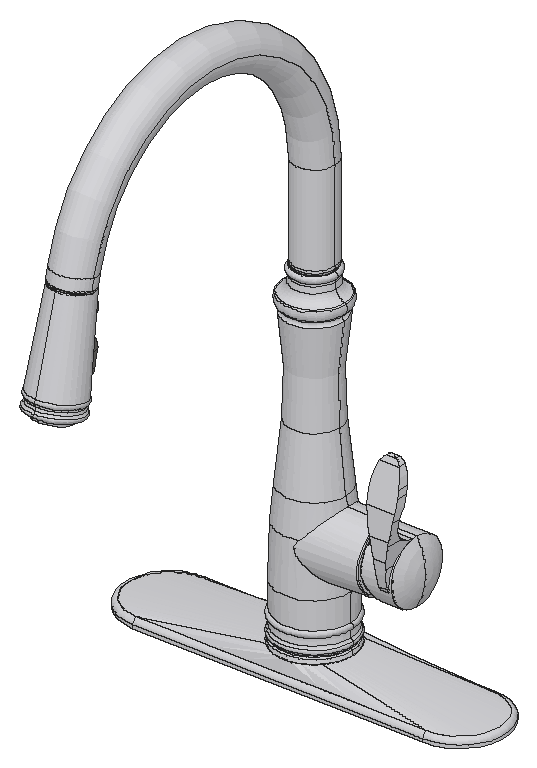
Revit family "Faucet_Touchless-Kitchen-KOHLER-Bellera-K-29108_1", category Plumbing Fixtures, host Face, Revit 2017
Family settings
  Host = Face
  Round Connector Dimension = Use Diameter
  Part Type = Normal
  OmniClass Number = 23.31.11.00
  OmniClass Title = Faucets
  Cut with Voids When Loaded = No
  Shared = No
  Room Calculation Point = No
Parameters (values of type "CP-Polished Chrome")
  Width [instance] = if(Escutcheon Plate, 10 1/2", 2 1/8")  # 10 1/2"
  WaterSense Certified = 1 = 0  # no
  Waste Water Outlet = "Waste Water Outlet"  # constant formula
  Waste Connection = 1 = 0  # no
  Voltage = 120 V  # constant formula
  Vent Connection = 1 = 0  # no
  URL = "https://www.us.kohler.com/us/"
  Type = 1
  Thickness [instance] = if(Escutcheon Plate, 2 1/2", 2 1/8")  # 2 1/2"
  Spout Reach = 9"  # constant formula
  Product Page URL = "http://www.us.kohler.com/us/catalog/productDetails.jsp?productId=29108"
  Product Name = "Bellera"  # constant formula
  Product Documentation Link = "https://www.us.kohler.com/webassets/kpna/catalog/pdf/en/K-29108_spec_US-CA_Kohler_en.pdf"
  Pressure = 60.00 psi  # constant formula
  Model = if(Type = 1, "K-29108-CP", if(Type = 2, "K-29108-VS", if(Type = 3, "K-29108-2BZ", "NA")))  # "K-29108-CP"
  Material = "Premium Metal Construction"  # constant formula
  Master Format 2014 Name = "Residential Faucets, Supplies, and Trim"  # constant formula
  Master Format 2014 = "22 41 39"  # constant formula
  Manufacturer Address = "444 Highland Dr, Kohler, WI 53044"  # constant formula
  Manufacturer = "KOHLER Co."  # constant formula
  Length = Spout Reach  # 9"
  Hot Water Inlet = "Hot Water Inlet"  # constant formula
  Height [instance] = 17 1/4"  # constant formula
  Handle Clearance = 3 1/16"  # constant formula
  HW Connection = 1 = 1  # yes
  Flow Rate = 1.5 GPM  # constant formula
  Finish = Kohler-Metal-CP-Polished_Chrome
  Escutcheon Plate [instance] = yes
  Escutcheon Height [instance] = if(Escutcheon Plate, 9/16", 0")  # 9/16"
  Environmental Product Declaration = ""
  Electrical Note = "One Dedicated Circuit Required"  # constant formula
  Electrical Connector = 1 = 1  # yes
  Drain Included = 1 = 0  # no
  Description = "Pull-down single-handle kitchen faucet"  # constant formula
  Default Elevation = 36"
  Declare Label = ""
  Date Modified = "07/02/2020"  # constant formula
  Date Created = "07/02/2020"  # constant formula
  Copyright = "Copyright KOHLER Co."  # constant formula
  Contact Us = "https://www.us.kohler.com/us/static/contact.jsp"
  Cold Water Inlet = "Cold Water Inlet"  # constant formula
  CW Connection = 1 = 1  # yes
  Assembly Code = "D2010"
  Apparent Load = 120 V * 15 A  # 1800 VA
  ADA Compliant = 1 = 0  # no
Reference planes (in)
  plane 1 "Center (Front/Back)": y = 0
  plane 2: z = 0
  plane 3 "Center (Left/Right)": x = 0
  plane 4: x = -5.25
  plane 5: x = 5.25
  plane 6: x = -1.0625
  plane 7: x = 1.0625
  plane 8: x = 3.0625
  plane 9: y = -9
  plane 10: x = -0.56268
  plane 11: x = 0.56268
  plane 12: y = -9.6875
  plane 13: z = 17.25
  plane 14: through (0, -9.64405, 10.28091) normal (0, 0.2062, 0.9785)
  plane 15: z = 10
  plane 16: z = 3.25789
  plane 17: z = 6.32039
  plane 18: y = 1.25
  plane 19: y = -1.25
  plane 20: z = 0.5625
Dimensions and locks (in)
  "Spout Reach": plane 1 "Center (Front/Back)" to plane 9
  locked: plane 1 "Center (Front/Back)" to plane 12 at 9.6875
  locked: level to plane 16 at 3.25789
  "Handle Clearance": plane 17 to plane 16
  "Width": plane 4 to plane 5
  equal spacing: plane 4, plane 3 "Center (Left/Right)", plane 5
  "Thickness": plane 19 to plane 18
  equal spacing: plane 19, plane 1 "Center (Front/Back)", plane 18
  "Escutcheon Height": plane 20 to plane 2
  "Height": plane 13 to plane 2
  locked: level to plane 15 at 10
  plane 15 to level = 10"
  "Length": plane 1 "Center (Front/Back)" to plane 9
  aligned and locked: plane 2 to host face
  aligned and locked: level to host face
  aligned and locked: plane 3 "Center (Left/Right)" to nested 1
  aligned and locked: plane 1 "Center (Front/Back)" to nested 1
Automatic sketch dimensions
  host sketch curve to host sketch curve = 96"  (x2)
Nested families (in)
  nested 1: "K-29108" at (0, 0, 0), type "K-29108"
  nested 2: "K-29108_Escutcheon_Plate" at (0, 0, 0), type "K-29108_Escutcheon_Plate"
Connectors (in)
  piping at (-0.56268, 0, 0), diameter 0.375, driven by "Flow Rate", driven by "HW Connection", driven by "Hot Water Inlet", driven by "Pressure"
    settings: on nested 1, index 1, connector inside diameter 24", connector length 0", flow factor 0, pipe flow 1.5 GPM, pressure drop 60.00 psi, fitting loss kfactor 0, connector angle 0.00°, fixture units 0, engagement length 0", angle of deflection 0.00°, flow configuration 0, flow direction 1, fitting loss method 4, system type 19, joint type 0, gender type 0, connector reference index -1, connector utility 1, adjustable connector no, is connector primary yes, connector description "Hot Water Inlet"
  piping at (0.56268, 0, 0), diameter 0.375, driven by "Flow Rate", driven by "CW Connection", driven by "Cold Water Inlet", driven by "Pressure"
    settings: on nested 1, index 2, connector inside diameter 24", connector length 0", flow factor 0, pipe flow 1.5 GPM, pressure drop 60.00 psi, fitting loss kfactor 0, connector angle 0.00°, fixture units 0, engagement length 0", angle of deflection 0.00°, flow configuration 0, flow direction 1, fitting loss method 4, system type 20, joint type 0, gender type 0, connector reference index -1, connector utility 1, adjustable connector no, is connector primary no, connector description "Cold Water Inlet"
  electrical at (0, 0, 0), driven by "Voltage", driven by "Apparent Load", driven by "Electrical Connector", driven by "Electrical Note"
    settings: on nested 1, index 3, voltage 120 V, apparent load 1800 VA, apparent load phase1 0 VA, apparent load phase2 0 VA, apparent load phase3 0 VA, power factor 1, load classification "Power", number of poles 1, system type 30, power factor state 1, is connector primary yes, connector utility yes, sub classification motor no, connector description "One Dedicated Circuit Required"
Definition of nested family "K-29108"
  Parameters (values of type "K-29108")
    Not Base Plate = not(Base Plate)  # no
    Material = none
    Base Plate = yes
  Reference planes (in)
    plane 1 "Center (Front/Back)": y = 0
    plane 2: z = 0
    plane 3 "Center (Left/Right)": x = 0
    plane 4: z = 10
    plane 5: y = -9
    plane 6: y = -9.6875
    plane 7: z = 17.25
    plane 8: x = -5.25
    plane 9: x = 5.25
    plane 10: x = -1.0625
    plane 11: x = 1.0625
    plane 12: z = 5.75
    plane 13: x = 3.0625
    plane 14: y = 1.0625
    plane 15: y = -1.0625
    plane 16: z = 6.32039
    plane 17: z = 3.25789
    plane 18: x = -0.56268
    plane 19: x = 0.56268
    plane 20 "A": through (0, -9, 10) normal (0, -0.2079, -0.9781)
    plane 21: z = 13.11926
    plane 22: z = 0.5625
  Forms (in)
    Revolve 1, solid, material <- "Material", detail levels medium+fine
      sketch origin (0, 0, 0) x (1, 0, 0) y (0, 0, 1)
        loop
          arc (-0.98961, 0.69997) -> (-1.01932, 0.68971) -> (-1.03655, 0.66343) r 0.04866
          line (-1.03655, 0.66343) -> (-1.0625, 0.5625) -> (-1.0625, 0) -> (0, 0) -> (0, 10) -> (-0.56268, 10) -> (-0.56268, 9.92301)
          arc (-0.56268, 9.92301) -> (-0.55247, 9.89835) -> (-0.52782, 9.88814) r 0.03486
          line (-0.52782, 9.88814) -> (-0.42871, 9.88814)
          arc (-0.42871, 9.88814) -> (-0.44763, 9.86745) -> (-0.47461, 9.85979) r 0.05133
          line (-0.47461, 9.85979) -> (-0.56778, 9.85979)
          arc (-0.56778, 9.85979) -> (-0.63545, 9.78384) -> (-0.58214, 9.69721) r 0.08519
          arc (-0.58214, 9.69721) -> (-0.58093, 9.6617) -> (-0.58214, 9.62619) r 0.52425
          arc (-0.58214, 9.62619) -> (-0.58949, 9.54248) -> (-0.60017, 9.45912) r 2.11496
          arc (-0.60017, 9.45912) -> (-0.68202, 9.28616) -> (-0.84621, 9.1879) r 0.32934
          arc (-0.84621, 9.1879) -> (-0.86286, 9.17903) -> (-0.87338, 9.16336) r 0.03891
          arc (-0.87338, 9.16336) -> (-0.88854, 9.03321) -> (-0.8442, 8.9099) r 0.28667
          arc (-0.8442, 8.9099) -> (-0.83196, 8.89594) -> (-0.81626, 8.88601) r 0.06483
          arc (-0.81626, 8.88601) -> (-0.7563, 8.80379) -> (-0.79698, 8.71052) r 0.10228
          arc (-0.79698, 8.71052) -> (-0.66151, 7.38963) -> (-0.69758, 6.06231) r 10.27005
          arc (-0.69758, 6.06231) -> (-0.7803, 5.25051) -> (-0.87872, 4.44047) r 42.15134
          arc (-0.87872, 4.44047) -> (-0.92966, 3.98999) -> (-0.96437, 3.53797) r 12.60614
          arc (-0.96437, 3.53797) -> (-0.9972, 2.82234) -> (-1.0117, 2.10611) r 27.97409
          arc (-1.0117, 2.10611) -> (-1.00883, 1.72979) -> (-0.99462, 1.35372) r 12.48687
          arc (-0.99462, 1.35372) -> (-1.06295, 1.26836) -> (-0.99462, 1.183) r 0.08748
          arc (-0.99462, 1.183) -> (-0.99278, 1.08181) -> (-1.00157, 0.98099) r 0.96424
          arc (-1.00157, 0.98099) -> (-1.01456, 0.93551) -> (-1.03953, 0.89535) r 0.17078
          arc (-1.03953, 0.89535) -> (-1.06121, 0.84804) -> (-1.05598, 0.79626) r 0.09927
          arc (-1.05598, 0.79626) -> (-1.03526, 0.76994) -> (-1.00326, 0.76) r 0.05646
          line (-1.00326, 0.76) -> (-0.96911, 0.76)
          arc (-0.96911, 0.76) -> (-0.98361, 0.75399) -> (-0.98961, 0.73949) r 0.02051
          line (-0.98961, 0.73949) -> (-0.98961, 0.69997)
        axis (0, 0) -> (0, 10)
      angle from 0 to 360
    Sweep 2, solid, material <- "Material", detail levels medium+fine
      path origin (0, 0, 0) x (0, 1, 0) y (0, 0, 1)
        loop
          line (-8.3552, 13.06014) -> (-8.29218, 13.35922)
          arc (-8.29218, 13.35922) -> (-3.75671, 16.66364) -> (0, 12.49509) r 4.19112
          line (0, 12.49509) -> (0, 10)
      profile origin (0, 0, 11.24755) x (1, 0, 0) y (0, 1, 0)
        loop
          circle (0, 0) r 0.56268
    Revolve 3, solid, material <- "Material", detail levels medium+fine
      sketch origin (0, 0, 0) x (0, 1, 0) y (0, 0, 1)
        loop
          line (-8.3552, 13.06014) -> (-8.90582, 13.17615) -> (-8.9128, 13.14299)
          arc (-8.9128, 13.14299) -> (-8.90988, 13.12788) -> (-8.89702, 13.1194) r 0.0198
          arc (-8.89702, 13.1194) -> (-8.91183, 13.11659) -> (-8.92089, 13.10453) r 0.02088
          line (-8.92089, 13.10453) -> (-9.59249, 10.72139)
          arc (-9.59249, 10.72139) -> (-9.62556, 10.65896) -> (-9.60436, 10.59157) r 0.09158
          arc (-9.60436, 10.59157) -> (-9.59093, 10.56494) -> (-9.59092, 10.53512) r 0.06442
          arc (-9.59092, 10.53512) -> (-9.60182, 10.49738) -> (-9.61625, 10.46084) r 0.41345
          arc (-9.61625, 10.46084) -> (-9.63945, 10.42118) -> (-9.67045, 10.38728) r 0.21774
          arc (-9.67045, 10.38728) -> (-9.68948, 10.32609) -> (-9.64405, 10.28091) r 0.06181
          line (-9.64405, 10.28091) -> (-9.51585, 10.2539) -> (-9.48926, 10.10309) -> (-9.42255, 10.08904) -> (-9.39326, 10.22807) -> (-8.9707, 10.13903) -> (-8.3552, 13.06014)
        axis (-8.3552, 13.06014) -> (-9, 10)
      angle from 0 to 360
    Revolve 4, solid, material <- "Material", detail levels medium+fine
      sketch origin (0, 0, 0) x (1, 0, 0) y (0, 0, 1)
        loop
          line (1.90036, 4.0222) -> (1.90036, 4.11062)
          arc (1.90036, 4.11062) -> (1.8929, 4.12924) -> (1.87465, 4.13757) r 0.02698
          line (1.87465, 4.13757) -> (0, 4.22602) -> (0, 3.25789) -> (3.0625, 3.25789)
          arc (3.0625, 3.25789) -> (3.0039, 3.70844) -> (2.832, 4.12901) r 1.76134
          line (2.832, 4.12901) -> (1.97552, 4.12901)
          arc (1.97552, 4.12901) -> (1.96166, 4.12326) -> (1.95591, 4.1094) r 0.01961
          line (1.95591, 4.1094) -> (1.95591, 4.01241) -> (1.90036, 4.0222)
        axis (0, 3.25789) -> (3.0625, 3.25789)
      angle from 0 to 360
    Extrusion 5, solid, material <- "Material", detail levels medium+fine
      sketch origin (-0.00818, 0, -0.67658) x (1, 0, 0) y (0, 0, 1)
        loop
          line (2.50426, 3.64922) -> (2.73819, 3.64922)
          arc (2.73819, 3.64922) -> (2.74412, 4.01714) -> (2.77021, 4.38418) r 6.70836
          arc (2.77021, 4.38418) -> (2.80769, 4.69123) -> (2.85929, 4.99623) r 6.70836
          arc (2.85929, 4.99623) -> (2.91836, 5.30385) -> (2.97687, 5.61158) r 172.08283
          arc (2.97687, 5.61158) -> (3.01327, 5.88504) -> (3.01962, 6.16085) r 2.52496
          arc (3.01962, 6.16085) -> (3.0152, 6.25917) -> (3.00817, 6.35735) r 3.70132
          arc (3.00817, 6.35735) -> (2.96619, 6.59613) -> (2.88249, 6.82368) r 1.36071
          arc (2.88249, 6.82368) -> (2.62123, 6.98915) -> (2.35996, 6.82368) r 0.289
          arc (2.35996, 6.82368) -> (2.27627, 6.59613) -> (2.23428, 6.35735) r 1.36071
          arc (2.23428, 6.35735) -> (2.22725, 6.25917) -> (2.22283, 6.16085) r 3.70132
          arc (2.22283, 6.16085) -> (2.22918, 5.88504) -> (2.26558, 5.61158) r 2.52496
          arc (2.26558, 5.61158) -> (2.32409, 5.30385) -> (2.38317, 4.99623) r 172.08283
          arc (2.38317, 4.99623) -> (2.43476, 4.69123) -> (2.47224, 4.38418) r 6.70836
          arc (2.47224, 4.38418) -> (2.49833, 4.01714) -> (2.50426, 3.64922) r 6.70836
      from -0.1775 to 1.06372
    Extrusion 6, void, detail levels medium+fine
      sketch origin (0.0872, 0, 0.01032) x (0, 1, 0) y (0, 0, 1)
        loop
          arc (-0.60304, 6.26131) -> (-0.53068, 6.29879) -> (-0.4788, 6.23595) r 0.06486
          arc (-0.4788, 6.23595) -> (-0.49023, 6.0198) -> (-0.5291, 5.80687) r 1.69675
          line (-0.5291, 5.80687) -> (-0.64599, 5.33802)
          arc (-0.64599, 5.33802) -> (-0.68982, 5.19482) -> (-0.74845, 5.05702) r 1.42316
          arc (-0.74845, 5.05702) -> (-0.80775, 4.70138) -> (-0.66268, 4.37131) r 0.63114
          arc (-0.66268, 4.37131) -> (-0.50476, 4.23183) -> (-0.31382, 4.14276) r 0.73655
          arc (-0.31382, 4.14276) -> (-0.21389, 4.11808) -> (-0.11197, 4.10365) r 1.01403
          arc (-0.11197, 4.10365) -> (0.09026, 4.10619) -> (0.28761, 4.06203) r 0.87111
          line (0.28761, 4.06203) -> (0.28761, 7.0783) -> (-1.28038, 7.0783) -> (-1.28038, 2.90478) -> (-0.72775, 2.90478)
          arc (-0.72775, 2.90478) -> (-0.82391, 3.01232) -> (-0.88601, 3.14253) r 0.50857
          arc (-0.88601, 3.14253) -> (-0.97654, 3.50366) -> (-1.02536, 3.87275) r 3.26434
          arc (-1.02536, 3.87275) -> (-1.03938, 4.14396) -> (-1.04102, 4.41552) r 5.95343
          arc (-1.04102, 4.41552) -> (-1.01836, 4.77597) -> (-0.9627, 5.13281) r 3.9281
          arc (-0.9627, 5.13281) -> (-0.83616, 5.63314) -> (-0.66323, 6.11939) r 5.49428
          arc (-0.66323, 6.11939) -> (-0.63358, 6.19054) -> (-0.60304, 6.26131) r 6.18807
      from 2.02333 to 3.31221
    Revolve 7, solid, detail levels medium+fine
      sketch origin (0, 0, 0) x (0, 1, 0) y (0, 0, 1)
        loop
          line (-7.75089, 12.53787) -> (-7.99402, 12.59849) -> (-8.06068, 12.33112) -> (-7.78943, 12.26349) -> (-7.72978, 12.50274)
          arc (-7.72978, 12.50274) -> (-7.73306, 12.52468) -> (-7.75089, 12.53787) r 0.02898
        axis (-7.78943, 12.26349) -> (-8.06068, 12.33112)
      angle from 0 to 360
    Extrusion 8, solid, detail levels medium+fine
      sketch origin (0, 0, 0) x (1, 0, 0) y (0, 0, 1)
        loop
          line (-0.29331, 11.27789) -> (-0.29331, 10.85188)
          arc (-0.29331, 10.85188) -> (0, 10.55857) -> (0.29331, 10.85188) r 0.29331
          line (0.29331, 10.85188) -> (0.29331, 11.27789)
          arc (0.29331, 11.27789) -> (0, 11.57119) -> (-0.29331, 11.27789) r 0.29331
      from 7.64201 to 8.43399
    Extrusion 9, void
      sketch origin (0, 0, 0) x (0, 1, 0) y (0, 0, 1)
        loop
          arc (-7.81953, 11.56207) -> (-7.79584, 11.54317) -> (-7.79226, 11.51307) r 0.03992
          line (-7.79226, 11.51307) -> (-7.93259, 11.00798)
          arc (-7.93259, 11.00798) -> (-7.93575, 10.9895) -> (-7.9351, 10.97076) r 0.09228
          arc (-7.9351, 10.97076) -> (-7.93303, 10.9405) -> (-7.93507, 10.91025) r 0.22382
          line (-7.93507, 10.91025) -> (-7.992, 10.74864)
          arc (-7.992, 10.74864) -> (-8.01497, 10.67413) -> (-8.03198, 10.59804) r 0.98489
          arc (-8.03198, 10.59804) -> (-8.03579, 10.56478) -> (-8.03516, 10.5313) r 0.25243
          arc (-8.03516, 10.5313) -> (-8.04636, 10.50109) -> (-8.07678, 10.49049) r 0.03781
          line (-8.07678, 10.49049) -> (-8.22269, 10.50582) -> (-8.25384, 10.39368) -> (-7.50384, 10.39368) -> (-7.50384, 11.6944) -> (-8.04689, 11.6944) -> (-8.04689, 11.62847) -> (-7.81953, 11.56207)
      from -1.34572 to 1.46118
    Revolve 10, solid, material <- "Material", detail levels medium+fine
      sketch origin (0, 0, 0) x (1, 0, 0) y (0, 0, 1)
        loop
          line (1.90036, 3.25789) -> (1.90036, 2.49762)
          arc (1.90036, 2.49762) -> (2.03756, 2.53521) -> (2.16495, 2.59852) r 0.73497
          arc (2.16495, 2.59852) -> (2.177, 2.61122) -> (2.18139, 2.62817) r 0.03495
          line (2.18139, 2.62817) -> (2.18139, 3.25789) -> (1.90036, 3.25789)
        axis (2.18139, 3.25789) -> (1.90036, 3.25789)
      angle from 0 to 360
    Extrusion 11, void
      sketch origin (0.00781, 0, 0) x (1, 0, 0) y (0, 0, 1)
        loop
          line (1.90036, 2.23368) -> (2.3909, 2.23368) -> (1.9481, 3.32965) -> (1.90036, 3.32965) -> (1.90036, 2.23368)
      from -1.68982 to 1.61859
    Extrusion 12, solid, material <- "Material", detail levels medium+fine
      sketch origin (0, 1.64464, 7.73741) x (0, -0.978148, 0.207912) y (-1, 0, 0)
        loop
          circle (10.58235, -0.2251) r 0.04066
        loop
          circle (10.68115, -0.3239) r 0.04066
        loop
          circle (10.80716, -0.36053) r 0.04066
        loop
          circle (10.54769, -0.09575) r 0.04066
        loop
          circle (10.54769, 0.09575) r 0.04066
        loop
          circle (10.58235, 0.2251) r 0.04066
        loop
          circle (10.68115, 0.3239) r 0.04066
        loop
          circle (10.80325, 0.36835) r 0.04066
        loop
          circle (10.66116, -0.09575) r 0.04066
        loop
          circle (10.79413, -0.09575) r 0.04066
        loop
          circle (10.70852, -0.20952) r 0.04066
        loop
          circle (10.81919, -0.22514) r 0.04066
        loop
          circle (10.66116, 0.09575) r 0.04066
        loop
          circle (10.79413, 0.09575) r 0.04066
        loop
          circle (10.70852, 0.20952) r 0.04066
        loop
          circle (10.81919, 0.22514) r 0.04066
        loop
          circle (10.95472, 0.36053) r 0.04066
        loop
          circle (11.07867, 0.30789) r 0.04066
        loop
          circle (11.16821, 0.21836) r 0.04066
        loop
          circle (11.21882, 0.08525) r 0.04066
        loop
          circle (10.93891, 0.22514) r 0.04066
        loop
          circle (11.07799, 0.17721) r 0.04066
        loop
          circle (10.93586, 0.09575) r 0.04066
        loop
          circle (11.05396, 0.06543) r 0.04066
        loop
          circle (10.95472, -0.36053) r 0.04066
        loop
          circle (11.07867, -0.30789) r 0.04066
        loop
          circle (11.16821, -0.21836) r 0.04066
        loop
          circle (11.21882, -0.08525) r 0.04066
        loop
          circle (10.93891, -0.22514) r 0.04066
        loop
          circle (11.07799, -0.17721) r 0.04066
        loop
          circle (10.93586, -0.09575) r 0.04066
        loop
          circle (11.05396, -0.06543) r 0.04066
      from -0.14099 to 0
    Revolve 13, solid, material <- "Material", detail levels coarse
      sketch origin (0, 0, 0) x (0, 1, 0) y (0, 0, 1)
        loop
          line (0.56268, 9.21052) -> (0.56268, 9.88814) -> (0, 9.88814) -> (0, 0) -> (1.0625, 0) -> (1.0625, 1.35372) -> (0.99462, 1.35372) -> (0.99462, 4.64125) -> (0.70495, 4.64125) -> (0.70495, 8.71052) -> (0.85633, 8.71052) -> (0.85633, 9.21052) -> (0.56268, 9.21052)
        axis (0, 0) -> (0, 9.88814)
      angle from 0 to 360
    Sweep 14, solid, material <- "Material", detail levels coarse
      path origin (0, 0, 0.10304) x (0, 1, 0) y (0, 0, 1)
        loop
          line (0, 9.7851) -> (0, 12.55603)
          arc (0, 12.55603) -> (-3.74454, 16.71476) -> (-8.2719, 13.42544) r 4.18164
          line (-8.2719, 13.42544) -> (-9, 10)
      profile origin (0, 0, 11.27361) x (0, -1, 0) y (1, 0, 0)
        loop
          circle (0, 0) r 0.56268
    Revolve 15, solid, material <- "Material", detail levels coarse
      sketch origin (0, 0, 0) x (1, 0, 0) y (0, 0, 1)
        loop
          line (0.17258, 4.18328) -> (0.17258, 3.25789) -> (3.0625, 3.25789) -> (3.0625, 4.18328) -> (0.17258, 4.18328)
        axis (3.0625, 3.25789) -> (0.17258, 3.25789)
      angle from 0 to 360
    Extrusion 16, solid, material <- "Material", detail levels coarse
      sketch origin (0, 0, 0) x (1, 0, 0) y (0, 1, 0)
        loop
          circle (2.5883, -0.48803) r 0.36989
      from 3.32965 to 6.3125
    Revolve 17, void
      sketch origin (0, 0, 0) x (0, 1, 0) y (0, 0, 1)
        loop
          line (-8.56972, 10.01158) -> (-8.43735, 10.63432) -> (-8.86779, 10.72502) -> (-9, 10.10304) -> (-8.56972, 10.01158)
        axis (-9, 10.10304) -> (-8.86763, 10.72578)
      angle from 0 to 360
    Extrusion 18, solid, material <- "Material", detail levels medium+fine
      sketch origin (0, 0, 0) x (1, 0, 0) y (0, 1, 0)
        loop
          circle (-0.56268, 0) r 0.03474
        loop
          circle (0.56268, 0) r 0.03474
      from 0 to 0.09893
  Cuts and joins
    Extrusion 11 cuts Revolve 4
    Extrusion 6 cuts Extrusion 5
    joined: Revolve 1, Sweep 2, Revolve 4, Extrusion 5
    joined: Revolve 15, Extrusion 16
    Revolve 17 cuts Sweep 14
    Extrusion 9 cuts Extrusion 8
  Lines and regions (in)
    Masking region 1
      outline origin (0, 0, 0) x (1, 0, 0) y (0, 1, 0)
        loop
          line (-0.56268, -8.29247) -> (-0.64553, -8.52008)
          arc (-0.64553, -8.52008) -> (-0.73019, -8.75287) -> (-0.74709, -9) r 0.88584
          arc (-0.74709, -9) -> (-0.50983, -9.49183) -> (0, -9.68745) r 0.74079
          arc (0, -9.68745) -> (0.50983, -9.49183) -> (0.74709, -9) r 0.74079
          arc (0.74709, -9) -> (0.73019, -8.75287) -> (0.64553, -8.52008) r 0.88584
          line (0.64553, -8.52008) -> (0.56268, -8.29247) -> (0.56268, -0.93934) -> (1.8742, -0.88001)
          arc (1.8742, -0.88001) -> (1.89277, -0.87157) -> (1.90036, -0.85264) r 0.02739
          line (1.90036, -0.85264) -> (1.90036, -0.76093) -> (1.95591, -0.75109) -> (1.95591, -0.84898)
          arc (1.95591, -0.84898) -> (1.96204, -0.86377) -> (1.97683, -0.8699) r 0.02092
          line (1.97683, -0.8699) -> (2.21086, -0.8699)
          arc (2.21086, -0.8699) -> (2.25015, -0.99036) -> (2.36593, -1.04185) r 0.1559
          line (2.36593, -1.04185) -> (2.87475, -1.04185)
          arc (2.87475, -1.04185) -> (2.97493, -0.99862) -> (3.01221, -0.89606) r 0.1377
          line (3.01221, -0.89606) -> (3.01221, -0.62249)
          arc (3.01221, -0.62249) -> (3.00393, -0.57442) -> (2.98004, -0.53189) r 0.1437
          arc (2.98004, -0.53189) -> (3.04176, -0.26912) -> (3.0625, 0) r 1.75674
          arc (3.0625, 0) -> (3.0039, 0.44996) -> (2.832, 0.8699) r 1.75674
          line (2.832, 0.8699) -> (1.98067, 0.8699)
          arc (1.98067, 0.8699) -> (1.96316, 0.86264) -> (1.95591, 0.84514) r 0.02476
          line (1.95591, 0.84514) -> (1.95591, 0.75109) -> (1.90036, 0.76093) -> (1.90036, 0.85264)
          arc (1.90036, 0.85264) -> (1.89277, 0.87157) -> (1.8742, 0.88001) r 0.02739
          line (1.8742, 0.88001) -> (0.49028, 0.94262)
          arc (0.49028, 0.94262) -> (0.25236, 1.0321) -> (0, 1.0625) r 1.0625
          arc (0, 1.0625) -> (-1.0214, 0.29266) -> (-0.56268, -0.90128) r 1.0625
          line (-0.56268, -0.90128) -> (-0.56268, -8.29247)
    Masking region 2
      outline origin (0, 0, 0) x (0, 1, 0) y (0, 0, 1)
        loop
          arc (0.98002, 3.15336) -> (1.01231, 2.25374) -> (0.99462, 1.35372) r 16.21089
          arc (0.99462, 1.35372) -> (1.04349, 1.32236) -> (1.0625, 1.26749) r 0.0887
          arc (1.0625, 1.26749) -> (1.04343, 1.2133) -> (0.99462, 1.183) r 0.08653
          arc (0.99462, 1.183) -> (0.9925, 1.09993) -> (0.998, 1.01701) r 0.90558
          arc (0.998, 1.01701) -> (1.0053, 0.96265) -> (1.02808, 0.91277) r 0.18657
          line (1.02808, 0.91277) -> (1.05147, 0.87676)
          arc (1.05147, 0.87676) -> (1.05972, 0.84765) -> (1.0625, 0.81753) r 0.16447
          arc (1.0625, 0.81753) -> (1.04565, 0.77685) -> (1.00497, 0.76) r 0.05753
          line (1.00497, 0.76) -> (0.96899, 0.76)
          arc (0.96899, 0.76) -> (0.98357, 0.75396) -> (0.9896, 0.73939) r 0.02061
          line (0.9896, 0.73939) -> (0.9896, 0.69993)
          arc (0.9896, 0.69993) -> (1.02011, 0.69021) -> (1.03712, 0.66309) r 0.04657
          line (1.03712, 0.66309) -> (1.0625, 0.5625) -> (-1.0625, 0.5625) -> (-1.03712, 0.66309)
          arc (-1.03712, 0.66309) -> (-1.02011, 0.69021) -> (-0.9896, 0.69993) r 0.04657
          line (-0.9896, 0.69993) -> (-0.9896, 0.73939)
          arc (-0.9896, 0.73939) -> (-0.98357, 0.75396) -> (-0.96899, 0.76) r 0.02061
          line (-0.96899, 0.76) -> (-1.00497, 0.76)
          arc (-1.00497, 0.76) -> (-1.04565, 0.77685) -> (-1.0625, 0.81753) r 0.05753
          arc (-1.0625, 0.81753) -> (-1.05972, 0.84765) -> (-1.05147, 0.87676) r 0.16447
          line (-1.05147, 0.87676) -> (-1.02808, 0.91277)
          arc (-1.02808, 0.91277) -> (-1.0053, 0.96265) -> (-0.998, 1.01701) r 0.18657
          arc (-0.998, 1.01701) -> (-0.9925, 1.09993) -> (-0.99462, 1.183) r 0.90558
          arc (-0.99462, 1.183) -> (-1.04343, 1.2133) -> (-1.0625, 1.26749) r 0.08653
          arc (-1.0625, 1.26749) -> (-1.04349, 1.32236) -> (-0.99462, 1.35372) r 0.0887
          arc (-0.99462, 1.35372) -> (-1.01284, 2.12228) -> (-0.99462, 2.89083) r 16.21089
          arc (-0.99462, 2.89083) -> (-0.98122, 3.18253) -> (-0.96871, 3.47427) r 95.80535
          arc (-0.96871, 3.47427) -> (-1.0035, 3.67777) -> (-1.02536, 3.88307) r 3.26434
          arc (-1.02536, 3.88307) -> (-1.03938, 4.15428) -> (-1.04102, 4.42584) r 5.95343
          arc (-1.04102, 4.42584) -> (-1.01836, 4.78629) -> (-0.9627, 5.14313) r 3.9281
          arc (-0.9627, 5.14313) -> (-0.85054, 5.59528) -> (-0.70049, 6.0363) r 5.49428
          arc (-0.70049, 6.0363) -> (-0.64789, 6.97533) -> (-0.70049, 7.91436) r 8.40766
          arc (-0.70049, 7.91436) -> (-0.747, 8.31265) -> (-0.79698, 8.71052) r 46.16621
          arc (-0.79698, 8.71052) -> (-0.75834, 8.80434) -> (-0.81761, 8.8867) r 0.10444
          arc (-0.81761, 8.8867) -> (-0.83098, 8.89535) -> (-0.84158, 8.90723) r 0.05947
          arc (-0.84158, 8.90723) -> (-0.88761, 9.0277) -> (-0.87566, 9.15611) r 0.2842
          arc (-0.87566, 9.15611) -> (-0.86128, 9.17863) -> (-0.83794, 9.19165) r 0.05469
          arc (-0.83794, 9.19165) -> (-0.68362, 9.28484) -> (-0.60285, 9.446) r 0.32453
          arc (-0.60285, 9.446) -> (-0.58615, 9.57108) -> (-0.58214, 9.69721) r 1.25107
          arc (-0.58214, 9.69721) -> (-0.63564, 9.78386) -> (-0.56778, 9.85979) r 0.08512
          line (-0.56778, 9.85979) -> (-0.4751, 9.85979)
          arc (-0.4751, 9.85979) -> (-0.44776, 9.86743) -> (-0.42834, 9.88814) r 0.05274
          line (-0.42834, 9.88814) -> (-0.52886, 9.88814)
          arc (-0.52886, 9.88814) -> (-0.55277, 9.89805) -> (-0.56268, 9.92196) r 0.03382
          line (-0.56268, 9.92196) -> (-0.56268, 12.48332)
          arc (-0.56268, 12.48332) -> (-3.96744, 16.11161) -> (-7.80461, 12.94412) r 3.63563
          line (-7.80461, 12.94412) -> (-7.81148, 12.91155)
          arc (-7.81148, 12.91155) -> (-7.82031, 12.89865) -> (-7.83568, 12.89577) r 0.02043
          arc (-7.83568, 12.89577) -> (-7.8235, 12.88729) -> (-7.82002, 12.8725) r 0.02097
          line (-7.82002, 12.8725) -> (-7.86311, 12.56585) -> (-7.74974, 12.53758)
          arc (-7.74974, 12.53758) -> (-7.73264, 12.52493) -> (-7.7295, 12.5039) r 0.02779
          line (-7.7295, 12.5039) -> (-7.84951, 12.02254)
          arc (-7.84951, 12.02254) -> (-7.86191, 12.00579) -> (-7.88253, 12.0027) r 0.02724
          line (-7.88253, 12.0027) -> (-7.94079, 12.01723) -> (-8.00395, 11.57119) -> (-7.85076, 11.57119) -> (-7.81953, 11.56207)
          arc (-7.81953, 11.56207) -> (-7.79584, 11.54317) -> (-7.79226, 11.51307) r 0.03992
          line (-7.79226, 11.51307) -> (-7.93259, 11.00798)
          arc (-7.93259, 11.00798) -> (-7.93575, 10.9895) -> (-7.9351, 10.97076) r 0.09228
          arc (-7.9351, 10.97076) -> (-7.93303, 10.9405) -> (-7.93507, 10.91025) r 0.22382
          line (-7.93507, 10.91025) -> (-7.992, 10.74864)
          arc (-7.992, 10.74864) -> (-8.01497, 10.67413) -> (-8.03198, 10.59804) r 0.98489
          arc (-8.03198, 10.59804) -> (-8.03477, 10.57838) -> (-8.03601, 10.55857) r 0.25243
          line (-8.03601, 10.55857) -> (-8.14732, 10.55857) -> (-8.1668, 10.42099)
          arc (-8.1668, 10.42099) -> (-8.16036, 10.35048) -> (-8.20723, 10.2974) r 0.08938
          arc (-8.20723, 10.2974) -> (-8.22895, 10.28025) -> (-8.24088, 10.25527) r 0.06115
          arc (-8.24088, 10.25527) -> (-8.24985, 10.16003) -> (-8.23526, 10.06549) r 0.38833
          arc (-8.23526, 10.06549) -> (-8.25323, 10.01244) -> (-8.30713, 9.99715) r 0.0602
          line (-8.30713, 9.99715) -> (-8.42676, 10.02236) -> (-8.51074, 9.89601) -> (-9.48926, 10.10399) -> (-9.51585, 10.2539) -> (-9.64405, 10.28091)
          arc (-9.64405, 10.28091) -> (-9.67679, 10.30185) -> (-9.6875, 10.33921) r 0.05497
          arc (-9.6875, 10.33921) -> (-9.67705, 10.37443) -> (-9.65333, 10.4025) r 0.0896
          arc (-9.65333, 10.4025) -> (-9.61334, 10.46815) -> (-9.59098, 10.5417) r 0.306
          arc (-9.59098, 10.5417) -> (-9.59236, 10.57086) -> (-9.60587, 10.59675) r 0.06788
          arc (-9.60587, 10.59675) -> (-9.62571, 10.66192) -> (-9.59249, 10.72139) r 0.08698
          line (-9.59249, 10.72139) -> (-8.92131, 13.10292)
          arc (-8.92131, 13.10292) -> (-8.91182, 13.11579) -> (-8.89618, 13.11918) r 0.02266
          arc (-8.89618, 13.11918) -> (-8.90963, 13.12761) -> (-8.91278, 13.14313) r 0.01996
          line (-8.91278, 13.14313) -> (-8.90582, 13.17615)
          arc (-8.90582, 13.17615) -> (-7.31475, 16.08986) -> (-4.20425, 17.25) r 4.74993
          arc (-4.20425, 17.25) -> (-0.86978, 15.89013) -> (0.56268, 12.58619) r 4.76807
          line (0.56268, 12.58619) -> (0.56268, 9.92196)
          arc (0.56268, 9.92196) -> (0.55277, 9.89805) -> (0.52886, 9.88814) r 0.03382
          line (0.52886, 9.88814) -> (0.42834, 9.88814)
          arc (0.42834, 9.88814) -> (0.44776, 9.86743) -> (0.4751, 9.85979) r 0.05274
          line (0.4751, 9.85979) -> (0.56778, 9.85979)
          arc (0.56778, 9.85979) -> (0.63564, 9.78386) -> (0.58214, 9.69721) r 0.08512
          arc (0.58214, 9.69721) -> (0.58615, 9.57108) -> (0.60285, 9.446) r 1.25107
          arc (0.60285, 9.446) -> (0.68362, 9.28484) -> (0.83794, 9.19165) r 0.32453
          arc (0.83794, 9.19165) -> (0.86128, 9.17863) -> (0.87566, 9.15611) r 0.05469
          arc (0.87566, 9.15611) -> (0.88761, 9.0277) -> (0.84158, 8.90723) r 0.2842
          arc (0.84158, 8.90723) -> (0.83098, 8.89535) -> (0.81761, 8.8867) r 0.05947
          arc (0.81761, 8.8867) -> (0.75834, 8.80434) -> (0.79698, 8.71052) r 0.10444
          arc (0.79698, 8.71052) -> (0.747, 8.31265) -> (0.70049, 7.91436) r 46.16621
          arc (0.70049, 7.91436) -> (0.64877, 6.85365) -> (0.73116, 5.79489) r 8.40766
          arc (0.73116, 5.79489) -> (0.87942, 4.47633) -> (0.98513, 3.15369) r 41.19431
    Masking region 3
      outline origin (0, 0, 0) x (1, 0, 0) y (0, 0, 1)
        loop
          line (-1.0625, 0.5625) -> (1.0625, 0.5625) -> (1.03655, 0.66374)
          arc (1.03655, 0.66374) -> (1.01971, 0.69042) -> (0.98962, 0.69993) r 0.04593
          line (0.98962, 0.69993) -> (0.98962, 0.73999)
          arc (0.98962, 0.73999) -> (0.98376, 0.75414) -> (0.96961, 0.76) r 0.02001
          line (0.96961, 0.76) -> (1.00474, 0.76)
          arc (1.00474, 0.76) -> (1.04586, 0.78013) -> (1.0625, 0.82279) r 0.06301
          arc (1.0625, 0.82279) -> (1.05497, 0.86741) -> (1.03321, 0.9071) r 0.13601
          arc (1.03321, 0.9071) -> (1.01933, 0.92832) -> (1.00943, 0.95167) r 0.14236
          arc (1.00943, 0.95167) -> (0.99762, 1.00177) -> (0.99398, 1.05312) r 0.32049
          arc (0.99398, 1.05312) -> (0.99446, 1.11806) -> (0.99462, 1.183) r 13.36674
          arc (0.99462, 1.183) -> (1.0625, 1.26836) -> (0.99462, 1.35372) r 0.08761
          arc (0.99462, 1.35372) -> (0.99551, 1.41729) -> (0.99821, 1.48082) r 2.24913
          arc (0.99821, 1.48082) -> (1.01031, 1.796) -> (1.01094, 2.11141) r 8.67683
          arc (1.01094, 2.11141) -> (1.01048, 2.13976) -> (1.01, 2.16811) r 67.39409
          arc (1.01, 2.16811) -> (1.00849, 2.25255) -> (1.00682, 2.33699) r 46.22342
          line (1.00682, 2.33699) -> (1.90036, 2.37895) -> (1.90036, 2.49318)
          arc (1.90036, 2.49318) -> (2.03551, 2.53482) -> (2.16244, 2.59716) r 0.89793
          arc (2.16244, 2.59716) -> (2.17631, 2.61126) -> (2.18137, 2.63038) r 0.03863
          line (2.18137, 2.63038) -> (2.18137, 2.77162) -> (2.33685, 2.38678) -> (2.832, 2.38678)
          arc (2.832, 2.38678) -> (3.0039, 2.80735) -> (3.0625, 3.25789) r 1.76134
          arc (3.0625, 3.25789) -> (3.0039, 3.70844) -> (2.832, 4.12901) r 1.76134
          line (2.832, 4.12901) -> (2.85274, 4.33591)
          arc (2.85274, 4.33591) -> (2.91099, 4.63931) -> (2.96869, 4.94281) r 172.08283
          arc (2.96869, 4.94281) -> (3.00509, 5.21628) -> (3.01144, 5.49208) r 2.52496
          arc (3.01144, 5.49208) -> (3.00702, 5.59041) -> (2.99999, 5.68858) r 3.70132
          arc (2.99999, 5.68858) -> (2.95801, 5.92737) -> (2.87432, 6.15491) r 1.36071
          arc (2.87432, 6.15491) -> (2.61305, 6.32038) -> (2.35178, 6.15491) r 0.289
          arc (2.35178, 6.15491) -> (2.26809, 5.92737) -> (2.22611, 5.68858) r 1.36071
          arc (2.22611, 5.68858) -> (2.21907, 5.59041) -> (2.21465, 5.49208) r 3.70132
          arc (2.21465, 5.49208) -> (2.221, 5.21629) -> (2.25739, 4.94285) r 2.52496
          spline (2.25739, 4.94285) -> (2.26773, 4.88828) -> (2.27821, 4.83304) -> (2.28875, 4.77753) -> (2.29929, 4.72218) -> (2.30973, 4.6674) -> (2.32, 4.6136) -> (2.33003, 4.5612) -> (2.33973, 4.51058) -> (2.34904, 4.46212) -> (2.35788, 4.4162) -> (2.36619, 4.37315) -> (2.3739, 4.3333)
          arc (2.3739, 4.3333) -> (2.39285, 4.23135) -> (2.41022, 4.12912) r 6.70836
          line (2.41022, 4.12912) -> (1.97601, 4.12912)
          arc (1.97601, 4.12912) -> (1.9618, 4.12323) -> (1.95591, 4.10902) r 0.0201
          line (1.95591, 4.10902) -> (1.95591, 4.01167) -> (1.90036, 4.02247) -> (1.90036, 4.13684) -> (0.91132, 4.18328)
          arc (0.91132, 4.18328) -> (0.8761, 4.48789) -> (0.83444, 4.7917) r 14.50795
          arc (0.83444, 4.7917) -> (0.77899, 5.21276) -> (0.73696, 5.63537) r 13.35801
          arc (0.73696, 5.63537) -> (0.7081, 5.97399) -> (0.67806, 6.3125) r 96.65468
          arc (0.67806, 6.3125) -> (0.66247, 6.54247) -> (0.65727, 6.77291) r 5.10496
          arc (0.65727, 6.77291) -> (0.66095, 7.18764) -> (0.67194, 7.60224) r 23.50006
          arc (0.67194, 7.60224) -> (0.69242, 7.9298) -> (0.73061, 8.25576) r 6.05647
          arc (0.73061, 8.25576) -> (0.76068, 8.48374) -> (0.79648, 8.71089) r 9.13403
          arc (0.79648, 8.71089) -> (0.75635, 8.8029) -> (0.81461, 8.88466) r 0.10188
          arc (0.81461, 8.88466) -> (0.83201, 8.89613) -> (0.84537, 8.91213) r 0.07155
          arc (0.84537, 8.91213) -> (0.88715, 9.02953) -> (0.878, 9.15381) r 0.30221
          arc (0.878, 9.15381) -> (0.86481, 9.17597) -> (0.84247, 9.18884) r 0.05099
          arc (0.84247, 9.18884) -> (0.6695, 9.30214) -> (0.59568, 9.49527) r 0.33586
          arc (0.59568, 9.49527) -> (0.58313, 9.59586) -> (0.58214, 9.69721) r 0.88626
          arc (0.58214, 9.69721) -> (0.63502, 9.7838) -> (0.56778, 9.85979) r 0.08537
          line (0.56778, 9.85979) -> (0.47558, 9.85979)
          arc (0.47558, 9.85979) -> (0.44819, 9.86743) -> (0.42871, 9.88814) r 0.05292
          line (0.42871, 9.88814) -> (0.52764, 9.88814)
          arc (0.52764, 9.88814) -> (0.55242, 9.89841) -> (0.56268, 9.92318) r 0.03504
          line (0.56268, 9.92318) -> (0.56268, 10.05429)
          arc (0.56268, 10.05429) -> (0.63253, 10.07748) -> (0.69804, 10.111) r 0.48335
          arc (0.69804, 10.111) -> (0.74517, 10.17927) -> (0.72622, 10.26002) r 0.10232
          arc (0.72622, 10.26002) -> (0.69717, 10.31808) -> (0.69095, 10.3827) r 0.17745
          arc (0.69095, 10.3827) -> (0.68875, 10.40094) -> (0.69874, 10.41635) r 0.02697
          arc (0.69874, 10.41635) -> (0.74608, 10.49397) -> (0.72785, 10.58305) r 0.12421
          line (0.72785, 10.58305) -> (0.56268, 12.99569) -> (0.56268, 16.7171)
          arc (0.56268, 16.7171) -> (0.38749, 17.09563) -> (0, 17.25) r 0.56351
          arc (0, 17.25) -> (-0.38749, 17.09563) -> (-0.56268, 16.7171) r 0.56351
          line (-0.56268, 16.7171) -> (-0.56268, 12.99569) -> (-0.72785, 10.58305)
          arc (-0.72785, 10.58305) -> (-0.74608, 10.49397) -> (-0.69874, 10.41635) r 0.12421
          arc (-0.69874, 10.41635) -> (-0.68875, 10.40094) -> (-0.69095, 10.3827) r 0.02697
          arc (-0.69095, 10.3827) -> (-0.69717, 10.31808) -> (-0.72622, 10.26002) r 0.17745
          arc (-0.72622, 10.26002) -> (-0.74517, 10.17927) -> (-0.69804, 10.111) r 0.10232
          arc (-0.69804, 10.111) -> (-0.63253, 10.07748) -> (-0.56268, 10.05429) r 0.48335
          line (-0.56268, 10.05429) -> (-0.56268, 9.92318)
          arc (-0.56268, 9.92318) -> (-0.55242, 9.89841) -> (-0.52764, 9.88814) r 0.03504
          line (-0.52764, 9.88814) -> (-0.42871, 9.88814)
          arc (-0.42871, 9.88814) -> (-0.44819, 9.86743) -> (-0.47558, 9.85979) r 0.05292
          line (-0.47558, 9.85979) -> (-0.56778, 9.85979)
          arc (-0.56778, 9.85979) -> (-0.63502, 9.7838) -> (-0.58214, 9.69721) r 0.08537
          arc (-0.58214, 9.69721) -> (-0.58313, 9.59586) -> (-0.59568, 9.49527) r 0.88626
          arc (-0.59568, 9.49527) -> (-0.6695, 9.30214) -> (-0.84247, 9.18884) r 0.33586
          arc (-0.84247, 9.18884) -> (-0.86481, 9.17597) -> (-0.878, 9.15381) r 0.05099
          arc (-0.878, 9.15381) -> (-0.88715, 9.02953) -> (-0.84537, 8.91213) r 0.30221
          arc (-0.84537, 8.91213) -> (-0.83201, 8.89613) -> (-0.81461, 8.88466) r 0.07155
          arc (-0.81461, 8.88466) -> (-0.75635, 8.8029) -> (-0.79648, 8.71089) r 0.10188
          arc (-0.79648, 8.71089) -> (-0.76068, 8.48374) -> (-0.73061, 8.25576) r 9.13403
          arc (-0.73061, 8.25576) -> (-0.69242, 7.9298) -> (-0.67194, 7.60224) r 6.05647
          arc (-0.67194, 7.60224) -> (-0.66095, 7.18764) -> (-0.65727, 6.77291) r 23.50006
          arc (-0.65727, 6.77291) -> (-0.66247, 6.54247) -> (-0.67806, 6.3125) r 5.10496
          arc (-0.67806, 6.3125) -> (-0.7081, 5.97399) -> (-0.73696, 5.63537) r 96.65468
          arc (-0.73696, 5.63537) -> (-0.77899, 5.21276) -> (-0.83444, 4.7917) r 13.35801
          arc (-0.83444, 4.7917) -> (-0.9269, 4.02671) -> (-0.9786, 3.25789) r 14.50795
          arc (-0.9786, 3.25789) -> (-0.99751, 2.71309) -> (-1.01, 2.16811) r 46.22342
          arc (-1.01, 2.16811) -> (-1.01048, 2.13976) -> (-1.01094, 2.11141) r 67.39409
          arc (-1.01094, 2.11141) -> (-1.01031, 1.796) -> (-0.99821, 1.48082) r 8.67683
          arc (-0.99821, 1.48082) -> (-0.99551, 1.41729) -> (-0.99462, 1.35372) r 2.24913
          arc (-0.99462, 1.35372) -> (-1.0625, 1.26836) -> (-0.99462, 1.183) r 0.08761
          arc (-0.99462, 1.183) -> (-0.99446, 1.11806) -> (-0.99398, 1.05312) r 13.36674
          arc (-0.99398, 1.05312) -> (-0.99762, 1.00177) -> (-1.00943, 0.95167) r 0.32049
          arc (-1.00943, 0.95167) -> (-1.01933, 0.92832) -> (-1.03321, 0.9071) r 0.14236
          arc (-1.03321, 0.9071) -> (-1.05497, 0.86741) -> (-1.0625, 0.82279) r 0.13601
          arc (-1.0625, 0.82279) -> (-1.04586, 0.78013) -> (-1.00474, 0.76) r 0.06301
          line (-1.00474, 0.76) -> (-0.96961, 0.76)
          arc (-0.96961, 0.76) -> (-0.98376, 0.75414) -> (-0.98962, 0.73999) r 0.02001
          line (-0.98962, 0.73999) -> (-0.98962, 0.69993)
          arc (-0.98962, 0.69993) -> (-1.01971, 0.69042) -> (-1.03655, 0.66374) r 0.04593
          line (-1.03655, 0.66374) -> (-1.0625, 0.5625)
    Masking region 4, visible <- "Not Base Plate"
      outline origin (0, 0, 0) x (1, 0, 0) y (0, 0, 1)
        loop
          line (-1.01452, 0) -> (1.01692, 0)
          arc (1.01692, 0) -> (1.04915, 0.01335) -> (1.0625, 0.04558) r 0.04558
          line (1.0625, 0.04558) -> (1.0625, 0.5625) -> (-1.0625, 0.5625) -> (-1.0625, 0.04798)
          arc (-1.0625, 0.04798) -> (-1.04845, 0.01405) -> (-1.01452, 0) r 0.04798
    Masking region 5, visible <- "Not Base Plate"
      outline origin (0, 0, 0) x (0, 1, 0) y (0, 0, 1)
        loop
          line (-1.01563, 0) -> (1.01562, 0)
          arc (1.01562, 0) -> (1.04877, 0.01373) -> (1.0625, 0.04687) r 0.04688
          line (1.0625, 0.04687) -> (1.0625, 0.5625) -> (-1.0625, 0.5625) -> (-1.0625, 0.04687)
          arc (-1.0625, 0.04687) -> (-1.04877, 0.01373) -> (-1.01563, 0) r 0.04688
    symbolic lines, detail levels medium+fine
      curve 1: line (1.95591, 0.85217, 0) -> (1.95591, 0, 0)
      curve 2: line (1.90036, 0.85264, 0) -> (1.90036, 0, 0)
      curve 3: line (1.8742, 0.88001, 0) -> (0.36047, 0.94849, 0)
      curve 4: line (1.95591, 0.75109, 0) -> (1.90036, 0.76093, 0)
      curve 5: arc (1.90036, 0.85264, 0) -> (1.89277, 0.87157, 0) -> (1.8742, 0.88001, 0) r 0.02739
      curve 6: line (1.97364, 0.8699, 0) -> (2.832, 0.8699, 0)
      curve 7: line (3.0625, 0, 0) -> (3.0625, -0.26943, 0)
      curve 8: arc (2.832, 0.8699, 0) -> (3.0039, 0.44996, 0) -> (3.0625, 0, 0) r 1.75674
      curve 9: arc (1.97364, 0.8699, 0) -> (1.9611, 0.8647, 0) -> (1.95591, 0.85217, 0) r 0.01773
      curve 10: line (1.95591, -0.84898, 0) -> (1.95591, 0, 0)
      curve 11: line (1.90036, -0.85264, 0) -> (1.90036, 0, 0)
      curve 12: line (1.8742, -0.88001, 0) -> (0.56268, -0.93934, 0)
      curve 13: line (1.95591, -0.75109, 0) -> (1.90036, -0.76093, 0)
      curve 14: arc (1.90036, -0.85264, 0) -> (1.89277, -0.87157, 0) -> (1.8742, -0.88001, 0) r 0.02739
      curve 15: line (1.97683, -0.8699, 0) -> (2.21436, -0.8699, 0)
      curve 16: arc (2.98004, -0.53189, 0) -> (3.04176, -0.26912, 0) -> (3.0625, 0, 0) r 1.75674
      curve 17: arc (1.97683, -0.8699, 0) -> (1.96204, -0.86377, 0) -> (1.95591, -0.84898, 0) r 0.02092
      curve 18: line (2.41084, -0.1428, 0) -> (2.81525, -0.1428, 0)
      curve 19: spline (2.39382, -0.4788, 0) -> (2.39601, -0.45241, 0) -> (2.39806, -0.42566, 0) -> (2.39997, -0.39855, 0) -> (2.40174, -0.37112, 0) -> (2.40338, -0.34338, 0) -> (2.40488, -0.31537, 0) -> (2.40623, -0.2871, 0) -> (2.40744, -0.2586, 0) -> (2.40851, -0.2299, 0) -> (2.40943, -0.20101, 0) -> (2.41021, -0.17197, 0) -> (2.41084, -0.1428, 0)
      curve 20: spline (2.81525, -0.1428, 0) -> (2.81589, -0.17197, 0) -> (2.81668, -0.20101, 0) -> (2.8176, -0.2299, 0) -> (2.81867, -0.2586, 0) -> (2.81987, -0.2871, 0) -> (2.82122, -0.31537, 0) -> (2.8227, -0.34338, 0) -> (2.82431, -0.37112, 0) -> (2.82606, -0.39855, 0) -> (2.82795, -0.42566, 0) -> (2.82996, -0.45241, 0) -> (2.83211, -0.4788, 0)
      curve 21: line (2.36593, -1.04185, 0) -> (2.87475, -1.04185, 0)
      curve 22: line (2.21436, -0.8699, 0) -> (2.21436, -0.92246, 0)
      curve 23: arc (2.36593, -1.04185, 0) -> (2.26946, -1.00842, 0) -> (2.21436, -0.92246, 0) r 0.1559
      curve 24: line (3.01221, -0.89606, 0) -> (3.01221, -0.62249, 0)
      curve 25: arc (2.87475, -1.04185, 0) -> (2.97493, -0.99862, 0) -> (3.01221, -0.89606, 0) r 0.1377
      curve 26: line (2.35174, -0.4788, 0) -> (2.86851, -0.4788, 0)
      curve 27: line (2.21436, -0.8699, 0) -> (2.21436, -0.61617, 0)
      curve 28: arc (2.36999, -0.64306, 0) -> (2.26656, -0.7389, 0) -> (2.21436, -0.8699, 0) r 0.32005
      curve 29: arc (2.75288, -0.60158, 0) -> (2.55705, -0.58178, 0) -> (2.36999, -0.64306, 0) r 0.47506
      curve 30: arc (3.01221, -0.87293, 0) -> (2.91709, -0.70425, 0) -> (2.75288, -0.60158, 0) r 0.39247
      curve 31: arc (2.21436, -0.61617, 0) -> (2.2546, -0.51903, 0) -> (2.35174, -0.4788, 0) r 0.13737
      curve 32: arc (2.86851, -0.4788, 0) -> (2.97012, -0.52089, 0) -> (3.01221, -0.62249, 0) r 0.1437
      curve 33: line (2.832, 0.8699, 0) -> (2.832, -0.4788, 0)
      curve 34: line (-0.56268, -0.90128, 0) -> (-0.56268, 0, 0)
      curve 35: line (0.56268, -0.93934, 0) -> (0.56268, 0, 0)
      curve 36: arc (0.56268, 0, 0) -> (0, 0.56268, 0) -> (-0.56268, 0, 0) r 0.56268
      curve 37: arc (0.56268, -0.84437, 0) -> (0, 1.01468, 0) -> (-0.56268, -0.84437, 0) r 1.01468
      curve 38: arc (0.56268, -0.56442, 0) -> (0, 0.79698, 0) -> (-0.56268, -0.56442, 0) r 0.79698
      curve 39: arc (0.56268, -0.29811, 0) -> (0, 0.63677, 0) -> (-0.56268, -0.29811, 0) r 0.63677
      curve 40: arc (-0.56268, -8.29247, 0) -> (-0.40841, -8.73827, 0) -> (0.03021, -8.91189, 0) r 0.56535
      curve 41: arc (0.56268, -8.29247, 0) -> (0.42872, -8.71588, 0) -> (0.03021, -8.91189, 0) r 0.56535
      curve 42: arc (-0.74932, -8.9258, 0) -> (-0.51898, -9.43549, 0) -> (0, -9.64405, 0) r 0.75
      curve 43: arc (0.74932, -8.9258, 0) -> (0.51898, -9.43549, 0) -> (0, -9.64405, 0) r 0.75
      curve 44: arc (-0.74858, -8.8986, 0) -> (-0.52173, -9.41389, 0) -> (0, -9.62553, 0) r 0.74891
      curve 45: arc (0.74858, -8.8986, 0) -> (0.52173, -9.41389, 0) -> (0, -9.62553, 0) r 0.74891
      curve 46: line (0, -0.9896, 0.69993) -> (0, 0.9896, 0.69993)
      curve 47: line (0, -0.96911, 0.76) -> (0, 0.96911, 0.76)
      curve 48: line (0, -0.99462, 1.183) -> (0, 0.99462, 1.183)
      curve 49: line (0, -0.99462, 1.35372) -> (0, 0.99462, 1.35372)
      curve 50: arc (0, -0.4788, 6.25653) -> (0, -0.49023, 6.04038) -> (0, -0.5291, 5.82744) r 1.69675
      curve 51: arc (0, -0.66323, 6.13996) -> (0, -0.63358, 6.21111) -> (0, -0.60304, 6.28188) r 6.18807
      curve 52: arc (0, -0.60304, 6.28188) -> (0, -0.53068, 6.31936) -> (0, -0.4788, 6.25653) r 0.06486
      curve 53: line (0, -0.5291, 5.82744) -> (0, -0.6484, 5.34894)
      curve 54: arc (0, -0.6484, 5.34894) -> (0, -0.69222, 5.20574) -> (0, -0.75085, 5.06794) r 1.42316
      curve 55: arc (0, -0.75085, 5.06794) -> (0, -0.81015, 4.7123) -> (0, -0.66508, 4.38223) r 0.63114
      curve 56: arc (0, -0.66508, 4.38223) -> (0, -0.50717, 4.24275) -> (0, -0.31623, 4.15368) r 0.73655
      curve 57: arc (0, -0.31623, 4.15368) -> (0, -0.22977, 4.1317) -> (0, -0.1417, 4.1174) r 1.01403
      curve 58: circle (0, 0, 3.25789) r 0.87111 normal (-1, 0, 0)
      curve 59: arc (0, -0.84968, 3.06583) -> (0, -0.86986, 3.1085) -> (0, -0.88601, 3.15285) r 0.50857
      curve 60: arc (0, -0.88601, 3.15285) -> (0, -0.97654, 3.51398) -> (0, -1.02536, 3.88307) r 3.26434
      curve 61: line (0, -0.79698, 8.71052) -> (0, 0.79698, 8.71052)
      curve 62: line (0, -0.58214, 9.69721) -> (0, 0.58214, 9.69721)
      curve 63: line (0, -0.42871, 9.88814) -> (0, 0.42834, 9.88814)
      curve 64: line (0, -0.4751, 9.85979) -> (0, 0.4751, 9.85979)
      curve 65: line (0, -8.89618, 13.11918) -> (0, -7.83646, 12.89593)
      curve 66: arc (0, -7.94079, 12.01723) -> (0, -7.97038, 12.30123) -> (0, -7.86311, 12.56585) r 0.58988
      curve 67: line (0, -8.14732, 10.55857) -> (0, -8.17068, 10.85188)
      curve 68: arc (0, -8.17068, 10.85188) -> (0, -8.14202, 11.06488) -> (0, -8.11344, 11.27789) r 619.59602
      curve 69: line (0, -8.11344, 11.27789) -> (0, -8.00395, 11.57119)
      curve 70: line (0, -8.1668, 10.42099) -> (0, -9.59249, 10.72139)
      curve 71: line (0, -9.64405, 10.28091) -> (0, -8.29736, 9.99715)
      curve 72: line (0, 0, 4.18309) -> (0, 0.91114, 3.53797)
      curve 73: line (0, 0.91114, 3.53797) -> (0, 0, 2.33738)
      curve 74: arc (0, 0, 2.33738) -> (0, -0.70941, 2.65307) -> (0, -0.95064, 3.39113) r 0.95618
      curve 75: arc (0, -0.28108, 4.14377) -> (0, -0.1419, 4.17317) -> (0, 0, 4.18309) r 1.0283
      curve 76: line (-0.98961, 0, 0.69997) -> (0.98961, 0, 0.69997)
      curve 77: line (0.96961, 0, 0.76) -> (-0.96961, 0, 0.76)
      curve 78: line (-0.99462, 0, 1.183) -> (0.99462, 0, 1.183)
      curve 79: line (-0.99462, 0, 1.35372) -> (0.99462, 0, 1.35372)
      curve 80: line (0.31596, 0, 3.53797) -> (0.90983, 0, 4.18309)
      curve 81: line (1.00903, 0, 2.33738) -> (0.31596, 0, 3.53797)
      curve 82: line (1.90036, 0, 2.49318) -> (1.90036, 0, 4.01817)
      curve 83: line (1.95591, 0, 4.01167) -> (1.95591, 0, 3.32965)
      curve 84: line (1.95591, 0, 3.32965) -> (2.18137, 0, 2.77162)
      curve 85: line (2.832, 0, 2.38678) -> (2.832, 0, 4.12901)
      curve 86: line (2.72961, 0, 3.06583) -> (2.49649, 0, 3.06583)
      curve 87: arc (2.46406, 0, 3.7076) -> (2.48796, 0, 3.3871) -> (2.49649, 0, 3.06583) r 6.70836
      curve 88: arc (2.37499, 0, 4.31965) -> (2.42658, 0, 4.01465) -> (2.46406, 0, 3.7076) r 6.70836
      curve 89: arc (2.76204, 0, 3.7076) -> (2.79951, 0, 4.01465) -> (2.85111, 0, 4.31965) r 6.70836
      curve 90: arc (2.72961, 0, 3.06583) -> (2.73813, 0, 3.3871) -> (2.76204, 0, 3.7076) r 6.70836
      curve 91: line (-0.79648, 0, 8.71089) -> (0.79648, 0, 8.71089)
      curve 92: line (-0.42871, 0, 9.88814) -> (0.42871, 0, 9.88814)
      curve 93: line (-0.47558, 0, 9.85979) -> (0.47558, 0, 9.85979)
      curve 94: line (-0.58214, 0, 9.69721) -> (0.58214, 0, 9.69721)
      curve 95: spline (0, 0, 9.89691) -> (-0.12941, 0, 9.90042) -> (-0.25, 0, 9.91072) -> (-0.35355, 0, 9.9271) -> (-0.43301, 0, 9.94845) -> (-0.48296, 0, 9.97332) -> (-0.5, 0, 10) -> (-0.48296, 0, 10.02668) -> (-0.43301, 0, 10.05155) -> (-0.35355, 0, 10.0729) -> (-0.25, 0, 10.08928) -> (-0.12941, 0, 10.09958) -> (0, 0, 10.10309)
      curve 96: spline (0, 0, 9.91096) -> (-0.11177, 0, 9.914) -> (-0.21592, 0, 9.92289) -> (-0.30535, 0, 9.93704) -> (-0.37398, 0, 9.95548) -> (-0.41712, 0, 9.97696) -> (-0.43183, 0, 10) -> (-0.41712, 0, 10.02304) -> (-0.37398, 0, 10.04452) -> (-0.30535, 0, 10.06296) -> (-0.21592, 0, 10.07711) -> (-0.11177, 0, 10.086) -> (0, 0, 10.08904)
      curve 97: spline (0, 0, 10.08904) -> (0.11177, 0, 10.086) -> (0.21592, 0, 10.07711) -> (0.30535, 0, 10.06296) -> (0.37398, 0, 10.04452) -> (0.41712, 0, 10.02304) -> (0.43183, 0, 10) -> (0.41712, 0, 9.97696) -> (0.37398, 0, 9.95548) -> (0.30535, 0, 9.93704) -> (0.21592, 0, 9.92289) -> (0.11177, 0, 9.914) -> (0, 0, 9.91096)
      curve 98: spline (0, 0, 10.10309) -> (0.12941, 0, 10.09958) -> (0.25, 0, 10.08928) -> (0.35355, 0, 10.0729) -> (0.43301, 0, 10.05155) -> (0.48296, 0, 10.02668) -> (0.5, 0, 10) -> (0.48296, 0, 9.97332) -> (0.43301, 0, 9.94845) -> (0.35355, 0, 9.9271) -> (0.25, 0, 9.91072) -> (0.12941, 0, 9.90042) -> (0, 0, 9.89691)
      curve 99: spline (-0.36835, 0, 9.99199) -> (-0.37887, 0, 9.9917) -> (-0.38868, 0, 9.99086) -> (-0.3971, 0, 9.98951) -> (-0.40356, 0, 9.98776) -> (-0.40762, 0, 9.98572) -> (-0.40901, 0, 9.98354) -> (-0.40762, 0, 9.98135) -> (-0.40356, 0, 9.97931) -> (-0.3971, 0, 9.97756) -> (-0.38868, 0, 9.97621) -> (-0.37887, 0, 9.97537) -> (-0.36835, 0, 9.97508)
      curve 100: spline (-0.36835, 0, 9.97508) -> (-0.35782, 0, 9.97537) -> (-0.34801, 0, 9.97621) -> (-0.33959, 0, 9.97756) -> (-0.33313, 0, 9.97931) -> (-0.32907, 0, 9.98135) -> (-0.32768, 0, 9.98354) -> (-0.32907, 0, 9.98572) -> (-0.33313, 0, 9.98776) -> (-0.33959, 0, 9.98951) -> (-0.34801, 0, 9.99086) -> (-0.35782, 0, 9.9917) -> (-0.36835, 0, 9.99199)
      curve 101: spline (-0.3239, 0, 9.9666) -> (-0.33443, 0, 9.96631) -> (-0.34424, 0, 9.96547) -> (-0.35266, 0, 9.96413) -> (-0.35912, 0, 9.96238) -> (-0.36318, 0, 9.96034) -> (-0.36457, 0, 9.95815) -> (-0.36318, 0, 9.95596) -> (-0.35912, 0, 9.95392) -> (-0.35266, 0, 9.95217) -> (-0.34424, 0, 9.95083) -> (-0.33443, 0, 9.94998) -> (-0.3239, 0, 9.94969)
      curve 102: spline (-0.3239, 0, 9.94969) -> (-0.31338, 0, 9.94998) -> (-0.30357, 0, 9.95083) -> (-0.29515, 0, 9.95217) -> (-0.28869, 0, 9.95392) -> (-0.28463, 0, 9.95596) -> (-0.28324, 0, 9.95815) -> (-0.28463, 0, 9.96034) -> (-0.28869, 0, 9.96238) -> (-0.29515, 0, 9.96413) -> (-0.30357, 0, 9.96547) -> (-0.31338, 0, 9.96631) -> (-0.3239, 0, 9.9666)
      curve 103: spline (-0.2251, 0, 9.94606) -> (-0.23563, 0, 9.94577) -> (-0.24543, 0, 9.94493) -> (-0.25386, 0, 9.94358) -> (-0.26032, 0, 9.94183) -> (-0.26438, 0, 9.9398) -> (-0.26577, 0, 9.93761) -> (-0.26438, 0, 9.93542) -> (-0.26032, 0, 9.93338) -> (-0.25386, 0, 9.93163) -> (-0.24543, 0, 9.93029) -> (-0.23563, 0, 9.92944) -> (-0.2251, 0, 9.92915)
      curve 104: spline (-0.2251, 0, 9.92915) -> (-0.21458, 0, 9.92944) -> (-0.20477, 0, 9.93029) -> (-0.19635, 0, 9.93163) -> (-0.18989, 0, 9.93338) -> (-0.18583, 0, 9.93542) -> (-0.18444, 0, 9.93761) -> (-0.18583, 0, 9.9398) -> (-0.18989, 0, 9.94183) -> (-0.19635, 0, 9.94358) -> (-0.20477, 0, 9.94493) -> (-0.21458, 0, 9.94577) -> (-0.2251, 0, 9.94606)
      curve 105: spline (-0.09575, 0, 9.96245) -> (-0.10627, 0, 9.96216) -> (-0.11608, 0, 9.96131) -> (-0.1245, 0, 9.95997) -> (-0.13096, 0, 9.95822) -> (-0.13503, 0, 9.95618) -> (-0.13641, 0, 9.95399) -> (-0.13503, 0, 9.9518) -> (-0.13096, 0, 9.94976) -> (-0.1245, 0, 9.94801) -> (-0.11608, 0, 9.94667) -> (-0.10627, 0, 9.94583) -> (-0.09575, 0, 9.94554)
      curve 106: spline (-0.09575, 0, 9.94554) -> (-0.08522, 0, 9.94583) -> (-0.07542, 0, 9.94667) -> (-0.067, 0, 9.94801) -> (-0.06053, 0, 9.94976) -> (-0.05647, 0, 9.9518) -> (-0.05509, 0, 9.95399) -> (-0.05647, 0, 9.95618) -> (-0.06053, 0, 9.95822) -> (-0.067, 0, 9.95997) -> (-0.07542, 0, 9.96131) -> (-0.08522, 0, 9.96216) -> (-0.09575, 0, 9.96245)
      curve 107: spline (-0.09575, 0, 9.92195) -> (-0.08522, 0, 9.92223) -> (-0.07542, 0, 9.92308) -> (-0.067, 0, 9.92442) -> (-0.06053, 0, 9.92617) -> (-0.05647, 0, 9.92821) -> (-0.05509, 0, 9.9304) -> (-0.05647, 0, 9.93259) -> (-0.06053, 0, 9.93463) -> (-0.067, 0, 9.93638) -> (-0.07542, 0, 9.93772) -> (-0.08522, 0, 9.93857) -> (-0.09575, 0, 9.93885)
